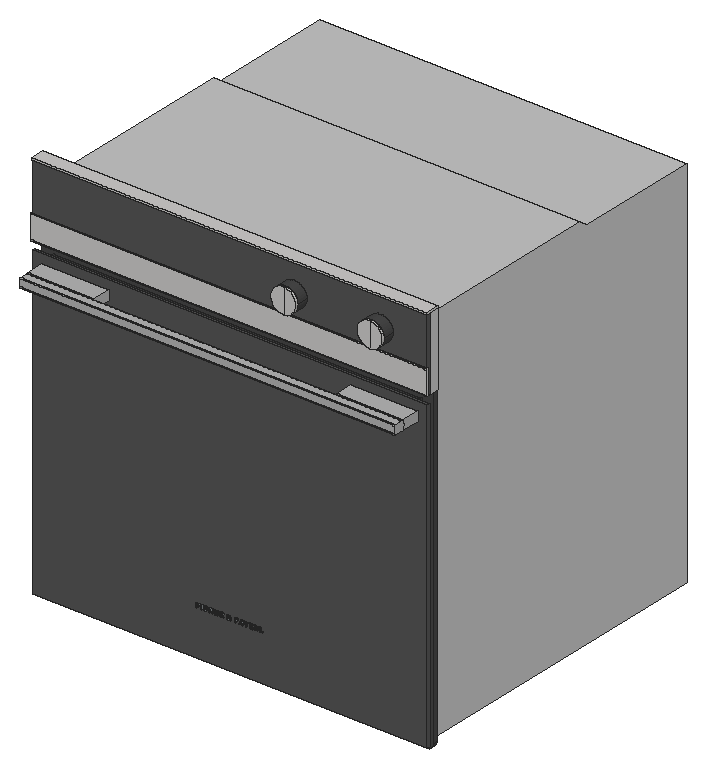
Revit family "FP-Revit18-en-OB60SC7CEX4-Oven-0-90003687A-NZ-AU", category Specialty Equipment, Revit 2020
Family settings
  Round Connector Dimension = Use Diameter
  Part Type = Normal
  OmniClass Number = 23.40.40.14.17.11
  OmniClass Title = Cookers, Ovens, Stoves
  Work Plane-Based = No
  Always vertical = Yes
  Cut with Voids When Loaded = Yes
  Shared = No
  Room Calculation Point = No
Parameters (values of type "OB60SC7CEX4")
  Visibility - Clearance Required = yes
  URL = "www.fisherpaykel.com"
  Product - Width = 597 mm  # constant formula
  Product - Height = 598 mm  # constant formula
  Product - Depth = 565 mm  # constant formula
  Model = "OB60SC7CEX4"
  Material - Trim = Fisher & Paykel - Stainless Steel
  Material - Structure = Fisher & Paykel - Black
  Material - Logo = Fisher & Paykel - Graphics Grey
  Material - Handle = Fisher & Paykel - Aluminium
  Material - Glass = Fisher & Paykel - Glass, Black
  Material - Buttons and Dials = Fisher & Paykel - Stainless Steel
  Material - Body = Fisher & Paykel - Grey
  Manufacturer = "Fisher & Paykel Appliances"
  FFL Offset [instance] = 200 mm
  Description = "60cm Built-In Oven"
  Default Elevation = 0 mm
  Connector Note - Electrical = "220-240 V, 12.3-13.3 A, 50 Hz"
  Chassis - Width = 552 mm  # constant formula
  Chassis - Height = 575 mm  # constant formula
  Chassis - Depth = 545 mm  # constant formula
  Cavity - Width = 560 mm  # constant formula
  Cavity - Height = 580 mm  # constant formula
  Cavity - Depth = 550 mm  # constant formula
Reference planes
  plane 1 "Datum": y = 0
  plane 2: z = 0
  plane 3 "Center (Left/Right)": x = 0
  plane 4 "Cavity": z = 780
  plane 5 "Product Height": z = 798
  plane 6 "Product LHS": x = -298.5
  plane 7 "Product RHS": x = 298.5
  plane 8 "Cavity LHS": x = -300
  plane 9 "Cavity RHS": x = 300
  plane 10 "Cavity - Depth": y = 550
  plane 11 "Product Depth": y = 545
  plane 12 "Front Face": y = -20
  plane 13 "FFL Offset": z = 200
  plane 14 "Cavity Height": z = 800
Forms (mm)
  Extrusion 1, solid, material "Fisher & Paykel - Grey" <- "Material - Body"
    sketch origin (0, 0, 0) x (0, 1, 0) y (0, 0, 1)
      loop
        line (0, 200) -> (525, 200) -> (525, 393.99) -> (545, 413.99) -> (545, 609.73) -> (495, 659.73) -> (495, 764.6) -> (307.721, 764.6) -> (293.958, 775) -> (0, 775) -> (0, 200)
    from -276 to 276
  Extrusion 2, void
    sketch origin (0, 0, 0) x (1, 0, 0) y (0, 1, 0)
      loop
        line (-278.5, 495) -> (-229.63, 495) -> (-179.63, 545) -> (-278.5, 545) -> (-278.5, 495)
      loop
        line (278.5, 495) -> (278.5, 545) -> (94.617, 545) -> (114.617, 525) -> (199.13, 525) -> (229.13, 495) -> (278.5, 495)
    from 200 to 764.6
  Extrusion 3, solid, material "Fisher & Paykel - Stainless Steel" <- "Material - Trim"
    sketch origin (0, 0, 0) x (0, 1, 0) y (0, 0, 1)
      loop
        line (0, 798) -> (-20.5, 798) -> (-20.5, 795.1) -> (0, 795.1) -> (0, 798)
    from -297.35 to 297.35
  Extrusion 4, solid, material "Fisher & Paykel - Grey" <- "Material - Body"
    sketch origin (0, 0, 0) x (0, 1, 0) y (0, 0, 1)
      loop
        line (-16, 795.1) -> (-16, 685.199) -> (0, 685.199) -> (0, 795.1) -> (-16, 795.1)
    from -297.35 to 297.35
  Extrusion 5, solid, material "Fisher & Paykel - Glass, Black" <- "Material - Glass"
    sketch origin (0, 0, 0) x (1, 0, 0) y (0, 0, 1)
      loop
        line (-297.25, 673.199) -> (-297.25, 210.2) -> (297.25, 210.2) -> (297.25, 673.199) -> (-297.25, 673.199)
      loop
        line (-297.35, 686.052) -> (297.35, 686.052) -> (297.35, 794.5) -> (-297.35, 794.5) -> (-297.35, 686.052)
    from 16 to 20
  Extrusion 6, solid, material "Fisher & Paykel - Black" <- "Material - Structure"
    sketch origin (0, 0, 0) x (0, 1, 0) y (0, 0, 1)
      loop
        line (-13.8, 671.699) -> (-16, 671.699) -> (-16, 212.7) -> (-5, 212.7) -> (-5, 668.496) -> (-13.8, 671.699)
    from -277 to 277
  Extrusion 7, solid, material "Fisher & Paykel - Black" <- "Material - Structure"
    sketch origin (0, 0, 0) x (1, 0, 0) y (0, 0, 1)
      loop
        line (-295.5, 685.199) -> (-295.5, 209.536)
        arc (-295.5, 209.536) -> (-292.707, 202.793) -> (-285.964, 200) r 9.536
        line (-285.964, 200) -> (286, 200)
        arc (286, 200) -> (292.718, 202.782) -> (295.5, 209.5) r 9.5
        line (295.5, 209.5) -> (295.5, 685.199) -> (-295.5, 685.199)
    from 0 to 5
  Extrusion 8, solid, material "Fisher & Paykel - Clearance Required", visible <- "Visibility - Clearance Required", detail levels coarse
    sketch origin (0, 0, 0) x (0, 1, 0) y (0, 0, 1)
      loop
        line (0, 800) -> (-20, 800) -> (-20, 673.254)
        arc (-20, 673.254) -> (-320.822, 551.394) -> (-469.99, 263.137) r 467.908
        line (-469.99, 263.137) -> (-462.266, 262.194) -> (-467.348, 220.567) -> (-449.569, 218.396) -> (-444.479, 260.086) -> (-20, 208.26) -> (-20, 200) -> (0, 200) -> (0, 800)
    from -300 to 300
  Extrusion 9, solid, material "Fisher & Paykel - Clearance Required", visible <- "Visibility - Clearance Required", detail levels coarse
    sketch origin (0, 0, 0) x (1, 0, 0) y (0, 1, 0)
      loop
        line (-280, 0) -> (280, 0) -> (280, 550) -> (-280, 550) -> (-280, 0)
    from 200 to 780
  Extrusion 10, void
    sketch origin (0, 0, 0) x (1, 0, 0) y (0, 1, 0)
      loop
        line (-300, -20) -> (300, -20) -> (300, 0) -> (-300, 0) -> (-300, -20)
    from 200 to 800
  Extrusion 11, solid, material "Fisher & Paykel - Stainless Steel" <- "Material - Trim", detail levels fine
    sketch origin (0, 0, 0) x (0, 1, 0) y (0, 0, 1)
      loop
        line (-22.25, 722.193) -> (-22.25, 687.281)
        arc (-22.25, 687.281) -> (-21.89, 686.412) -> (-21.021, 686.052) r 1.229
        line (-21.021, 686.052) -> (-20, 686.052) -> (-20, 723.356) -> (-21.087, 723.356)
        arc (-21.087, 723.356) -> (-21.909, 723.015) -> (-22.25, 722.193) r 1.163
    from -298.5 to 298.5
  Extrusion 12, void
    sketch origin (0, 0, 0) x (1, 0, 0) y (0, 1, 0)
      loop
        line (-280, 550) -> (-280, 0) -> (280, 0) -> (280, 550) -> (-280, 550)
    from 200 to 780
  Extrusion 13, solid, material "Fisher & Paykel - Black"
    sketch origin (0, 0, 0) x (1, 0, 0) y (0, 0, 1)
      loop
        circle (226.999, 752.449) r 18.791
      loop
        circle (97, 752.449) r 18.791
    from 20 to 37.3
  Revolve 14, solid, material "Fisher & Paykel - Stainless Steel" <- "Material - Buttons and Dials", detail levels fine
    sketch origin (97, 0, 0) x (0, 1, 0) y (0, 0, 1)
      loop
        line (-40.3, 752.449) -> (-37.3, 752.449) -> (-37.3, 771.24) -> (-40.3, 771.24) -> (-40.3, 752.449)
      axis (-37.3, 752.449) -> (-40.3, 752.449)
    angle from 0 to 360
  Revolve 15, solid, material "Fisher & Paykel - Stainless Steel" <- "Material - Buttons and Dials", detail levels fine
    sketch origin (226.999, 0, 0) x (0, 1, 0) y (0, 0, 1)
      loop
        line (-40.3, 752.449) -> (-37.3, 752.449) -> (-37.3, 771.24) -> (-40.3, 771.24) -> (-40.3, 752.449)
      axis (-37.3, 752.449) -> (-40.3, 752.449)
    angle from 0 to 360
  Extrusion 16, solid, material "Fisher & Paykel - Aluminium" <- "Material - Handle", detail levels fine
    sketch origin (0, -21, 652.521) x (0, 1, 0) y (0, 0, 1)
      loop
        arc (-26.813, 6.16) -> (-27.196, 6.554) -> (-27.728, 6.686) r 1
        line (-27.728, 6.686) -> (-40.035, 6.256)
        arc (-40.035, 6.256) -> (-40.719, 5.951) -> (-41, 5.257) r 1
        line (-41, 5.257) -> (-41, -5.257)
        arc (-41, -5.257) -> (-40.719, -5.951) -> (-40.035, -6.256) r 1
        line (-40.035, -6.256) -> (-27.709, -6.686)
        arc (-27.709, -6.686) -> (-27.175, -6.554) -> (-26.792, -6.158) r 1
        arc (-26.792, -6.158) -> (-25.256, 0.004) -> (-26.813, 6.16) r 13.038
    from -282.5 to 282.5
  Extrusion 17, solid, material "Fisher & Paykel - Aluminium" <- "Material - Handle", detail levels fine
    sketch origin (0, -21, 652.521) x (0, 1, 0) y (0, 0, 1)
      loop
        arc (-26.626, -6.008) -> (-26.614, -6.49) -> (-26.2, -6.737) r 0.5
        line (-26.2, -6.737) -> (1, -7.732) -> (1, 7.741) -> (-26.174, 6.747)
        arc (-26.174, 6.747) -> (-26.587, 6.5) -> (-26.6, 6.019) r 0.5
        arc (-26.6, 6.019) -> (-25.156, 0.002) -> (-26.626, -6.008) r 13.136
    from 182.5 to 282.5
  Extrusion 18, solid, material "Fisher & Paykel - Aluminium" <- "Material - Handle", detail levels coarse+medium
    sketch origin (0, -21, 652.521) x (1, 0, 0) y (0, 1, 0)
      loop
        line (-282.5, -41) -> (282.5, -41) -> (282.5, 1) -> (182.5, 1) -> (182.5, -26.156) -> (-182.5, -26.156) -> (-182.5, 1) -> (-282.5, 1) -> (-282.5, -41)
    from -8.022 to 7.978
  Extrusion 19, solid, material "Fisher & Paykel - Aluminium" <- "Material - Handle", detail levels fine
    sketch origin (0, -21, 652.521) x (0, 1, 0) y (0, 0, 1)
      loop
        arc (-26.626, -6.008) -> (-26.614, -6.49) -> (-26.2, -6.737) r 0.5
        line (-26.2, -6.737) -> (1, -7.732) -> (1, 7.741) -> (-26.174, 6.747)
        arc (-26.174, 6.747) -> (-26.587, 6.5) -> (-26.6, 6.019) r 0.5
        arc (-26.6, 6.019) -> (-25.156, 0.002) -> (-26.626, -6.008) r 13.136
    from -282.5 to -182.5
  Extrusion 20, solid, material "Fisher & Paykel - Aluminium" <- "Material - Handle", not visible, detail levels fine
    sketch origin (0, -22, 652) x (0, 1, 0) y (0, 0, 1)
      loop
        arc (-26.813, 6.16) -> (-27.196, 6.554) -> (-27.728, 6.686) r 1
        line (-27.728, 6.686) -> (-40.035, 6.256)
        arc (-40.035, 6.256) -> (-40.719, 5.951) -> (-41, 5.257) r 1
        line (-41, 5.257) -> (-41, -5.257)
        arc (-41, -5.257) -> (-40.719, -5.951) -> (-40.035, -6.256) r 1
        line (-40.035, -6.256) -> (-27.709, -6.686)
        arc (-27.709, -6.686) -> (-27.175, -6.554) -> (-26.792, -6.158) r 1
        arc (-26.792, -6.158) -> (-25.256, 0.004) -> (-26.813, 6.16) r 13.038
    from -282.5 to 282.5
  Extrusion 21, solid, material "Fisher & Paykel - Aluminium" <- "Material - Handle", not visible, detail levels fine
    sketch origin (0, -22, 652) x (0, 1, 0) y (0, 0, 1)
      loop
        arc (-26.626, -6.008) -> (-26.614, -6.49) -> (-26.2, -6.737) r 0.5
        line (-26.2, -6.737) -> (1, -7.732) -> (1, 7.741) -> (-26.174, 6.747)
        arc (-26.174, 6.747) -> (-26.587, 6.5) -> (-26.6, 6.019) r 0.5
        arc (-26.6, 6.019) -> (-25.156, 0.002) -> (-26.626, -6.008) r 13.136
    from 182.5 to 282.5
  Extrusion 22, solid, material "Fisher & Paykel - Aluminium" <- "Material - Handle", not visible, detail levels coarse+medium
    sketch origin (0, -22, 652) x (1, 0, 0) y (0, 1, 0)
      loop
        line (-282.5, -41) -> (282.5, -41) -> (282.5, 1) -> (182.5, 1) -> (182.5, -26.156) -> (-182.5, -26.156) -> (-182.5, 1) -> (-282.5, 1) -> (-282.5, -41)
    from -8.022 to 7.978
  Extrusion 23, solid, material "Fisher & Paykel - Aluminium" <- "Material - Handle", not visible, detail levels fine
    sketch origin (0, -22, 652) x (0, 1, 0) y (0, 0, 1)
      loop
        arc (-26.626, -6.008) -> (-26.614, -6.49) -> (-26.2, -6.737) r 0.5
        line (-26.2, -6.737) -> (1, -7.732) -> (1, 7.741) -> (-26.174, 6.747)
        arc (-26.174, 6.747) -> (-26.587, 6.5) -> (-26.6, 6.019) r 0.5
        arc (-26.6, 6.019) -> (-25.156, 0.002) -> (-26.626, -6.008) r 13.136
    from -282.5 to -182.5
  Extrusion 24, solid, material "Fisher & Paykel - Graphics Grey" <- "Material - Logo", detail levels fine
    sketch origin (0, -20, 278.956) x (1, 0, 0) y (0, 0, 1)
      loop
        line (-50.044, 0) -> (-48.47, 0) -> (-48.47, 2.138) -> (-46.011, 2.138) -> (-46.011, 3.472) -> (-48.47, 3.472) -> (-48.47, 4.712) -> (-45.795, 4.712) -> (-45.795, 6.04) -> (-50.044, 6.04) -> (-50.044, 0)
      loop
        line (-42.804, 6.04) -> (-42.804, 0) -> (-41.23, 0) -> (-41.23, 6.04) -> (-42.804, 6.04)
      loop
        line (-30.724, 6.04) -> (-30.724, 0) -> (-29.151, 0) -> (-29.151, 2.42) -> (-26.839, 2.42) -> (-26.839, 0) -> (-25.265, 0) -> (-25.265, 6.04) -> (-26.839, 6.04) -> (-26.839, 3.748) -> (-29.151, 3.748) -> (-29.151, 6.04) -> (-30.724, 6.04)
      loop
        line (-21.906, 6.04) -> (-21.906, 0) -> (-17.602, 0) -> (-17.602, 1.328) -> (-20.347, 1.328) -> (-20.347, 2.42) -> (-17.838, 2.42) -> (-17.838, 3.748) -> (-20.347, 3.748) -> (-20.347, 4.712) -> (-17.602, 4.712) -> (-17.602, 6.04) -> (-21.906, 6.04)
      loop
        line (45.667, 6.04) -> (45.667, 0) -> (49.956, 0) -> (49.956, 1.328) -> (47.241, 1.328) -> (47.241, 6.04) -> (45.667, 6.04)
      loop
        line (42.431, 6.04) -> (38.112, 6.04) -> (38.112, 0) -> (42.431, 0) -> (42.431, 1.328) -> (39.687, 1.328) -> (39.687, 2.42) -> (42.195, 2.42) -> (42.195, 3.748) -> (39.687, 3.748) -> (39.687, 4.712) -> (42.431, 4.712) -> (42.431, 6.04)
      loop
        line (33.451, 3.148) -> (35.683, 6.04) -> (33.844, 6.04) -> (31.915, 3.542) -> (31.915, 6.04) -> (30.342, 6.04) -> (30.342, 0) -> (31.915, 0) -> (31.915, 2.705) -> (33.903, 0) -> (35.763, 0) -> (33.451, 3.148)
      loop
        line (21.98, 6.04) -> (24.262, 2.42) -> (24.262, 0) -> (25.837, 0) -> (25.837, 2.341) -> (28.119, 6.04) -> (26.446, 6.04) -> (25.099, 3.707) -> (23.753, 6.04) -> (21.98, 6.04)
      loop
        line (18.479, 6.04) -> (16.983, 6.04) -> (14.524, 0) -> (16.069, 0) -> (16.501, 1.112) -> (18.921, 1.112) -> (19.354, 0) -> (20.938, 0) -> (18.479, 6.04)
      loop
        line (18.4, 2.439) -> (17.693, 4.174) -> (17.018, 2.439) -> (18.4, 2.439)
      loop
        line (8.031, 6.04) -> (8.031, 0) -> (9.605, 0) -> (9.605, 1.938) -> (10.599, 1.938)
        arc (10.599, 1.938) -> (12.65, 3.989) -> (10.599, 6.04) r 2.051
        line (10.599, 6.04) -> (8.031, 6.04)
      loop
        line (9.605, 4.712) -> (9.605, 3.197) -> (10.501, 3.197)
        arc (10.501, 3.197) -> (11.259, 3.954) -> (10.501, 4.712) r 0.757
        line (10.501, 4.712) -> (9.605, 4.712)
      loop
        line (-11.783, 6.04) -> (-14.366, 6.04) -> (-14.366, 0) -> (-12.792, 0) -> (-12.792, 1.336) -> (-11.992, 1.336) -> (-10.972, 0) -> (-9.153, 0) -> (-10.694, 1.973)
        arc (-10.694, 1.973) -> (-9.678, 4.424) -> (-11.783, 6.04) r 2.179
      loop
        line (-11.897, 4.712) -> (-12.792, 4.712) -> (-12.792, 3.053) -> (-11.897, 3.053)
        arc (-11.897, 3.053) -> (-11.068, 3.882) -> (-11.897, 4.712) r 0.83
      loop
        line (0.477, 4.712) -> (0.477, 6.153) -> (-3.575, 6.153) -> (-3.575, 4.851) -> (-2.974, 4.112)
        arc (-2.974, 4.112) -> (-3.51, 0.684) -> (-0.045, 0.512) r 2.334
        line (-0.045, 0.512) -> (0.46, -0.109) -> (2.246, -0.109) -> (0.86, 1.594) -> (2.061, 3.324) -> (0.443, 3.324) -> (-0.013, 2.667) -> (-1.677, 4.712) -> (0.477, 4.712)
      loop
        arc (-2.125, 3.068) -> (-2.269, 1.668) -> (-0.868, 1.524) r 0.996
        line (-0.868, 1.524) -> (-2.125, 3.068)
      loop
        line (-35.18, 3.634) -> (-36.516, 3.91)
        arc (-36.516, 3.91) -> (-37.049, 4.443) -> (-36.516, 4.976) r 0.533
        arc (-36.516, 4.976) -> (-35.235, 4.79) -> (-34.059, 4.248) r 4.505
        line (-34.059, 4.248) -> (-34.059, 5.743)
        arc (-34.059, 5.743) -> (-35.549, 6.179) -> (-37.1, 6.109) r 4.726
        arc (-37.1, 6.109) -> (-38.536, 4.335) -> (-37.1, 2.561) r 1.814
        line (-37.1, 2.561) -> (-35.754, 2.282)
        arc (-35.754, 2.282) -> (-35.221, 1.749) -> (-35.754, 1.216) r 0.533
        arc (-35.754, 1.216) -> (-37.035, 1.402) -> (-38.211, 1.945) r 4.505
        line (-38.211, 1.945) -> (-38.211, 0.449)
        arc (-38.211, 0.449) -> (-36.72, 0.013) -> (-35.169, 0.083) r 4.726
        arc (-35.169, 0.083) -> (-33.734, 1.863) -> (-35.18, 3.634) r 1.814
    from 0 to 0.8
  Extrusion 25, solid, material "Fisher & Paykel - Grey" <- "Material - Body"
    sketch origin (154.861, 0, 0) x (0, 1, 0) y (0, 0, 1)
      loop
        circle (504.5, 703) r 4
    from -410 to -372.861
  Extrusion 26, solid, material "Fisher & Paykel - Grey" <- "Material - Body"
    sketch origin (154.861, 0, 0) x (0, 1, 0) y (0, 0, 1)
      loop
        line (495, 683) -> (514, 683) -> (514, 736) -> (495, 736) -> (495, 683)
    from -372.861 to -289.861
Cuts and joins
  Extrusion 2 cuts Extrusion 1
Lines and regions (mm)
  model lines, style "Fisher & Paykel"
    curve 1: line (217.5, -20, 334) -> (-217.5, -20, 334)
    curve 2: line (217.5, -20, 617.236) -> (217.5, -20, 334)
    curve 3: line (-217.5, -20, 617.236) -> (217.5, -20, 617.236)
    curve 4: line (-217.5, -20, 334) -> (-217.5, -20, 617.236)
Text (mm)
  text "Due to ongoing product development, product details are subject to change without notice. \nPlease always refer to www.fisherpaykel.com for the most current product information. \n© Fisher & Paykel 2020" at (40.64, -604.808, 0), in view "Ref. Level (Plan)"
Dimensions and locks
  equal spacing: plane 6 "Product LHS", plane 3 "Center (Left/Right)", plane 7 "Product RHS"
  "Product - Width": plane 6 "Product LHS" to plane 7 "Product RHS"
  equal spacing: plane 8 "Cavity LHS", plane 3 "Center (Left/Right)", plane 9 "Cavity RHS"
  "Cavity - Depth": plane 10 "Cavity - Depth" to plane 1 "Datum"
  "Chassis - Depth": plane 11 "Product Depth" to plane 1 "Datum"
  plane 12 "Front Face" to plane 1 "Datum" = 20 mm
  "Product - Depth": plane 11 "Product Depth" to plane 12 "Front Face"
  "FFL Offset": plane 13 "FFL Offset" to level
  "Product - Height": plane 5 "Product Height" to plane 13 "FFL Offset"
  "Cavity - Height": plane 4 "Cavity" to plane 13 "FFL Offset"
  Extrusion 5 to plane 13 "FFL Offset" = 10.2 mm
  Extrusion 6 to plane 13 "FFL Offset" = 12.7 mm
  locked: plane 5 "Product Height" to cut or joined group of Extrusion 1, Extrusion 2 at 33.4
  locked: Extrusion 8 sketch curve to plane 13 "FFL Offset" at 473.254
  locked: Extrusion 8 sketch curve to Extrusion 8 sketch curve at 42
  locked: Extrusion 8 sketch curve to Extrusion 8 sketch curve at 427.631
  locked: plane 14 "Cavity Height" to plane 13 "FFL Offset" at 600
  locked: Extrusion 18 to plane 13 "FFL Offset" at 460.499
  locked: Extrusion 24 to plane 13 "FFL Offset" at 78.847
  equal spacing: Extrusion 9, plane 3 "Center (Left/Right)", Extrusion 9
  "Cavity - Width": Extrusion 9 to Extrusion 9
  equal spacing: cut or joined group of Extrusion 1, Extrusion 2, plane 3 "Center (Left/Right)", cut or joined group of Extrusion 1, Extrusion 2
  "Chassis - Width": cut or joined group of Extrusion 1, Extrusion 2 to cut or joined group of Extrusion 1, Extrusion 2
  aligned and locked: level to plane 2
  aligned and locked: plane 8 "Cavity LHS" to Extrusion 8
  aligned and locked: Extrusion 8 to plane 9 "Cavity RHS"
  aligned and locked: Extrusion 1 sketch curve to plane 13 "FFL Offset"
  aligned and locked: Extrusion 1 to Extrusion 2
  aligned and locked: Extrusion 2 to Extrusion 1
  aligned and locked: plane 13 "FFL Offset" to Extrusion 8 sketch curve
  aligned and locked: plane 13 "FFL Offset" to Extrusion 7 sketch curve
  aligned and locked: Extrusion 12 to cut or joined group of Extrusion 1, Extrusion 2
  aligned and locked: plane 4 "Cavity" to Extrusion 12
  aligned and locked: plane 4 "Cavity" to Extrusion 9
  aligned and locked: Extrusion 9 to cut or joined group of Extrusion 1, Extrusion 2
  aligned and locked: Extrusion 10 to cut or joined group of Extrusion 1, Extrusion 2
  aligned and locked: Extrusion 10 to Extrusion 7
  aligned and locked: Extrusion 10 to Extrusion 8
  aligned and locked: plane 14 "Cavity Height" to Extrusion 10
  aligned and locked: Extrusion 12 to Extrusion 9  (x2)
Automatic sketch dimensions
  Extrusion 1 sketch curve to plane 1 "Datum" = 0 mm
  Extrusion 1 sketch curve to plane 11 "Product Depth" = 0 mm
  Extrusion 1 sketch curve to plane 4 "Cavity" = 5 mm
  Extrusion 1 sketch curve to plane 11 "Product Depth" = 251.042 mm
  Extrusion 1 sketch curve to Extrusion 1 sketch curve = 13.762 mm
  Extrusion 1 sketch curve to plane 4 "Cavity" = 15.4 mm
  Extrusion 1 sketch curve to plane 11 "Product Depth" = 50 mm
  Extrusion 1 sketch curve to plane 11 "Product Depth" = 20 mm
  Extrusion 1 sketch curve to Extrusion 1 sketch curve = 193.99 mm
  Extrusion 1 sketch curve to Extrusion 1 sketch curve = 20 mm
  Extrusion 1 sketch curve to Extrusion 1 sketch curve = 154.87 mm
  Extrusion 1 sketch curve to Extrusion 1 sketch curve = 50 mm
  Extrusion 2 sketch curve to plane 11 "Product Depth" = 0 mm  (x2)
  Extrusion 2 sketch curve to plane 6 "Product LHS" = 20 mm
  Extrusion 2 sketch curve to Extrusion 2 sketch curve = 48.87 mm
  Extrusion 2 sketch curve to Extrusion 2 sketch curve = 50 mm  (x3)
  plane 3 "Center (Left/Right)" to Extrusion 2 sketch curve = 94.617 mm
  Extrusion 2 sketch curve to Extrusion 2 sketch curve = 20 mm
  Extrusion 2 sketch curve to plane 11 "Product Depth" = 20 mm
  Extrusion 2 sketch curve to Extrusion 2 sketch curve = 84.513 mm
  Extrusion 2 sketch curve to Extrusion 2 sketch curve = 30 mm
  plane 7 "Product RHS" to Extrusion 2 sketch curve = 20 mm
  Extrusion 3 sketch curve to plane 1 "Datum" = 0 mm
  Extrusion 3 sketch curve to plane 12 "Front Face" = 0.5 mm
  Extrusion 3 sketch curve to plane 5 "Product Height" = 2.9 mm
  plane 5 "Product Height" to Extrusion 3 sketch curve = 0 mm
  Extrusion 4 sketch curve to plane 1 "Datum" = 0 mm
  plane 12 "Front Face" to Extrusion 4 sketch curve = 4 mm
  Extrusion 4 sketch curve to plane 4 "Cavity" = 94.801 mm
  Extrusion 4 sketch curve to plane 5 "Product Height" = 2.9 mm
  Extrusion 5 sketch curve to plane 6 "Product LHS" = 1.25 mm
  Extrusion 5 sketch curve to plane 6 "Product LHS" = 1.15 mm
  plane 7 "Product RHS" to Extrusion 5 sketch curve = 1.15 mm
  plane 7 "Product RHS" to Extrusion 5 sketch curve = 1.25 mm
  plane 13 "FFL Offset" to Extrusion 5 sketch curve = 10.2 mm
  Extrusion 5 sketch curve to plane 4 "Cavity" = 106.801 mm
  Extrusion 5 sketch curve to Extrusion 5 sketch curve = 12.853 mm
  Extrusion 5 sketch curve to plane 5 "Product Height" = 3.5 mm
  plane 12 "Front Face" to Extrusion 6 sketch curve = 4 mm
  Extrusion 6 sketch curve to Extrusion 6 sketch curve = 2.2 mm
  plane 1 "Datum" to Extrusion 6 sketch curve = 5 mm
  plane 13 "FFL Offset" to Extrusion 6 sketch curve = 12.7 mm
  Extrusion 6 sketch curve to plane 4 "Cavity" = 111.504 mm
  Extrusion 6 sketch curve to Extrusion 6 sketch curve = 3.203 mm
  Extrusion 7 sketch curve to plane 6 "Product LHS" = 3 mm
  Extrusion 7 sketch curve to Extrusion 7 sketch curve = 9.536 mm
  plane 7 "Product RHS" to Extrusion 7 sketch curve = 12.5 mm
  plane 7 "Product RHS" to Extrusion 7 sketch curve = 3 mm
  Extrusion 7 sketch curve to plane 4 "Cavity" = 94.801 mm
  Extrusion 9 sketch curve to plane 10 "Cavity - Depth" = 0 mm
  plane 1 "Datum" to Extrusion 9 sketch curve = 0 mm
  Extrusion 9 sketch curve to plane 6 "Product LHS" = 18.5 mm
  plane 7 "Product RHS" to Extrusion 9 sketch curve = 18.5 mm
  plane 1 "Datum" to Extrusion 10 sketch curve = 0 mm
  Extrusion 10 sketch curve to plane 8 "Cavity LHS" = 0 mm
  Extrusion 10 sketch curve to plane 9 "Cavity RHS" = 0 mm
  Extrusion 10 sketch curve to plane 12 "Front Face" = 0 mm
  Extrusion 11 sketch curve to plane 12 "Front Face" = 0 mm
  Extrusion 11 sketch curve to Extrusion 11 sketch curve = 1.021 mm
  Extrusion 11 sketch curve to plane 12 "Front Face" = 1.087 mm
  Extrusion 11 sketch curve to Extrusion 11 sketch curve = 1.229 mm
  Extrusion 11 sketch curve to plane 4 "Cavity" = 93.948 mm
  Extrusion 11 sketch curve to Extrusion 11 sketch curve = 34.912 mm
  plane 1 "Datum" to Extrusion 12 sketch curve = 0 mm
  Extrusion 12 sketch curve to plane 10 "Cavity - Depth" = 0 mm
  Extrusion 12 sketch curve to plane 6 "Product LHS" = 18.5 mm
  plane 7 "Product RHS" to Extrusion 12 sketch curve = 18.5 mm
  Revolve 14 sketch curve to plane 12 "Front Face" = 20.3 mm
  Revolve 14 sketch curve to Revolve 14 sketch curve = 3 mm
  Revolve 14 sketch curve to plane 4 "Cavity" = 27.551 mm
  Revolve 14 sketch curve to plane 4 "Cavity" = 8.76 mm
  Revolve 14 sketch curve to Revolve 14 sketch curve = 6.8 mm
  Revolve 14 sketch curve to Revolve 14 sketch curve = 3.2 mm
  Revolve 14 sketch curve to Revolve 14 sketch curve = 0 mm
  Revolve 15 sketch curve to plane 12 "Front Face" = 20.3 mm
  Revolve 15 sketch curve to Revolve 15 sketch curve = 3 mm
  Revolve 15 sketch curve to plane 4 "Cavity" = 27.551 mm
  Revolve 15 sketch curve to plane 4 "Cavity" = 8.76 mm
  Revolve 15 sketch curve to Revolve 15 sketch curve = 6.8 mm
  Revolve 15 sketch curve to Revolve 15 sketch curve = 3.2 mm
  Revolve 15 sketch curve to Revolve 15 sketch curve = 0 mm
  Extrusion 16 sketch curve to Extrusion 16 sketch curve = 0.965 mm  (x2)
  Extrusion 16 sketch curve to Extrusion 16 sketch curve = 0.035 mm  (x4)
  Extrusion 16 sketch curve to Extrusion 16 sketch curve = 1.706 mm
  Extrusion 16 sketch curve to Extrusion 16 sketch curve = 12.307 mm
  Extrusion 16 sketch curve to Extrusion 16 sketch curve = 12.326 mm
  Extrusion 16 sketch curve to Extrusion 16 sketch curve = 0.999 mm  (x2)
  Extrusion 16 sketch curve to Extrusion 16 sketch curve = 5.238 mm
  Extrusion 16 sketch curve to Extrusion 16 sketch curve = 0 mm
  Extrusion 17 sketch curve to Extrusion 17 sketch curve = 12.091 mm
  Extrusion 17 sketch curve to Extrusion 17 sketch curve = 0.018 mm  (x2)
  Extrusion 17 sketch curve to Extrusion 17 sketch curve = 0.008 mm
  Extrusion 17 sketch curve to Extrusion 17 sketch curve = 27.174 mm
  Extrusion 17 sketch curve to Extrusion 17 sketch curve = 15.473 mm
  Extrusion 17 sketch curve to Extrusion 17 sketch curve = 0.5 mm  (x2)
  Extrusion 17 sketch curve to Extrusion 17 sketch curve = 0 mm
  Extrusion 18 sketch curve to Extrusion 18 sketch curve = 14.844 mm
  Extrusion 18 sketch curve to Extrusion 18 sketch curve = 27.156 mm  (x2)
  Extrusion 19 sketch curve to Extrusion 19 sketch curve = 12.091 mm
  Extrusion 19 sketch curve to Extrusion 19 sketch curve = 0.018 mm  (x2)
  Extrusion 19 sketch curve to Extrusion 19 sketch curve = 0.008 mm
  Extrusion 19 sketch curve to Extrusion 19 sketch curve = 27.174 mm
  Extrusion 19 sketch curve to Extrusion 19 sketch curve = 15.473 mm
  Extrusion 19 sketch curve to Extrusion 19 sketch curve = 0.5 mm  (x2)
  Extrusion 19 sketch curve to Extrusion 19 sketch curve = 0 mm
  Extrusion 16 sketch curve to Extrusion 16 sketch curve = 0.43 mm
  Extrusion 16 sketch curve to Extrusion 16 sketch curve = 5.275 mm
  Extrusion 16 sketch curve to Extrusion 16 sketch curve = 11.374 mm
  Extrusion 17 sketch curve to Extrusion 17 sketch curve = 0.995 mm
  Extrusion 17 sketch curve to Extrusion 17 sketch curve = 6.268 mm
  Extrusion 17 sketch curve to Extrusion 17 sketch curve = 12.255 mm
  Extrusion 18 sketch curve to Extrusion 18 sketch curve = 100 mm  (x2)
  Extrusion 18 sketch curve to Extrusion 18 sketch curve = 365 mm
  Extrusion 19 sketch curve to Extrusion 19 sketch curve = 0.995 mm
  Extrusion 19 sketch curve to Extrusion 19 sketch curve = 6.268 mm
  Extrusion 19 sketch curve to Extrusion 19 sketch curve = 12.255 mm
  Extrusion 20 sketch curve to Extrusion 20 sketch curve = 0.965 mm  (x2)
  Extrusion 20 sketch curve to Extrusion 20 sketch curve = 0.035 mm  (x4)
  Extrusion 20 sketch curve to Extrusion 20 sketch curve = 1.706 mm
  Extrusion 20 sketch curve to Extrusion 20 sketch curve = 12.307 mm
  Extrusion 20 sketch curve to Extrusion 20 sketch curve = 12.326 mm
  Extrusion 20 sketch curve to Extrusion 20 sketch curve = 0.999 mm  (x2)
  Extrusion 20 sketch curve to Extrusion 20 sketch curve = 5.238 mm
  Extrusion 20 sketch curve to Extrusion 20 sketch curve = 0 mm
  Extrusion 21 sketch curve to Extrusion 21 sketch curve = 12.091 mm
  Extrusion 21 sketch curve to Extrusion 21 sketch curve = 0.018 mm  (x2)
  Extrusion 21 sketch curve to Extrusion 21 sketch curve = 0.008 mm
  Extrusion 21 sketch curve to Extrusion 21 sketch curve = 27.174 mm
  Extrusion 21 sketch curve to Extrusion 21 sketch curve = 15.473 mm
  Extrusion 21 sketch curve to Extrusion 21 sketch curve = 0.5 mm  (x2)
  Extrusion 21 sketch curve to Extrusion 21 sketch curve = 0 mm
  Extrusion 22 sketch curve to Extrusion 22 sketch curve = 14.844 mm
  Extrusion 22 sketch curve to Extrusion 22 sketch curve = 27.156 mm  (x2)
  Extrusion 23 sketch curve to Extrusion 23 sketch curve = 12.091 mm
  Extrusion 23 sketch curve to Extrusion 23 sketch curve = 0.018 mm  (x2)
  Extrusion 23 sketch curve to Extrusion 23 sketch curve = 0.008 mm
  Extrusion 23 sketch curve to Extrusion 23 sketch curve = 27.174 mm
  Extrusion 23 sketch curve to Extrusion 23 sketch curve = 15.473 mm
  Extrusion 23 sketch curve to Extrusion 23 sketch curve = 0.5 mm  (x2)
  Extrusion 23 sketch curve to Extrusion 23 sketch curve = 0 mm
  Extrusion 20 sketch curve to Extrusion 20 sketch curve = 0.43 mm
  Extrusion 20 sketch curve to Extrusion 20 sketch curve = 5.275 mm
  Extrusion 20 sketch curve to Extrusion 20 sketch curve = 11.374 mm
  Extrusion 21 sketch curve to Extrusion 21 sketch curve = 0.995 mm
  Extrusion 21 sketch curve to Extrusion 21 sketch curve = 6.268 mm
  Extrusion 21 sketch curve to Extrusion 21 sketch curve = 12.255 mm
  Extrusion 22 sketch curve to Extrusion 22 sketch curve = 100 mm  (x2)
  Extrusion 22 sketch curve to Extrusion 22 sketch curve = 365 mm
  Extrusion 23 sketch curve to Extrusion 23 sketch curve = 0.995 mm
  Extrusion 23 sketch curve to Extrusion 23 sketch curve = 6.268 mm
  Extrusion 23 sketch curve to Extrusion 23 sketch curve = 12.255 mm
  Extrusion 24 sketch curve to plane 6 "Product LHS" = 248.456 mm
  Extrusion 24 sketch curve to Extrusion 24 sketch curve = 1.574 mm  (x12)
  Extrusion 24 sketch curve to Extrusion 24 sketch curve = 2.459 mm
  Extrusion 24 sketch curve to Extrusion 24 sketch curve = 0.216 mm
  Extrusion 24 sketch curve to Extrusion 24 sketch curve = 3.207 mm
  Extrusion 24 sketch curve to Extrusion 24 sketch curve = 3.02 mm
  plane 13 "FFL Offset" to Extrusion 24 sketch curve = 81.516 mm
  Extrusion 24 sketch curve to Extrusion 24 sketch curve = 1.11 mm
  Extrusion 24 sketch curve to Extrusion 24 sketch curve = 0.379 mm
  Extrusion 24 sketch curve to Extrusion 24 sketch curve = 0.206 mm  (x2)
  Extrusion 24 sketch curve to Extrusion 24 sketch curve = 0.36 mm  (x2)
  Extrusion 24 sketch curve to Extrusion 24 sketch curve = 0.402 mm
  plane 13 "FFL Offset" to Extrusion 24 sketch curve = 81.238 mm
  Extrusion 24 sketch curve to Extrusion 24 sketch curve = 0 mm  (x19)
  plane 13 "FFL Offset" to Extrusion 24 sketch curve = 82.59 mm
  Extrusion 24 sketch curve to Extrusion 24 sketch curve = 1.335 mm  (x2)
  Extrusion 24 sketch curve to Extrusion 24 sketch curve = 1.121 mm
  Extrusion 24 sketch curve to Extrusion 24 sketch curve = 3.335 mm
  Extrusion 24 sketch curve to Extrusion 24 sketch curve = 2.312 mm  (x2)
  Extrusion 24 sketch curve to Extrusion 24 sketch curve = 3.359 mm
  Extrusion 24 sketch curve to Extrusion 24 sketch curve = 1.559 mm
  Extrusion 24 sketch curve to Extrusion 24 sketch curve = 2.508 mm  (x2)
  Extrusion 24 sketch curve to Extrusion 24 sketch curve = 0.236 mm  (x4)
  Extrusion 24 sketch curve to Extrusion 24 sketch curve = 3.236 mm  (x2)
  Extrusion 24 sketch curve to Extrusion 24 sketch curve = 0.8 mm
  Extrusion 24 sketch curve to Extrusion 24 sketch curve = 0.895 mm
  Extrusion 24 sketch curve to Extrusion 24 sketch curve = 0.114 mm
  Extrusion 24 sketch curve to Extrusion 24 sketch curve = 1.02 mm
  plane 13 "FFL Offset" to Extrusion 24 sketch curve = 80.929 mm
  Extrusion 24 sketch curve to Extrusion 24 sketch curve = 1.298 mm
  Extrusion 24 sketch curve to Extrusion 24 sketch curve = 1.82 mm
  Extrusion 24 sketch curve to Extrusion 24 sketch curve = 8.207 mm
  plane 13 "FFL Offset" to Extrusion 24 sketch curve = 83.067 mm
  Extrusion 24 sketch curve to Extrusion 24 sketch curve = 0.602 mm
  plane 13 "FFL Offset" to Extrusion 24 sketch curve = 82.024 mm
  Extrusion 24 sketch curve to Extrusion 24 sketch curve = 0.849 mm
  Extrusion 24 sketch curve to Extrusion 24 sketch curve = 0.425 mm
  Extrusion 24 sketch curve to Extrusion 24 sketch curve = 1.297 mm
  Extrusion 24 sketch curve to Extrusion 24 sketch curve = 0.203 mm
  plane 13 "FFL Offset" to Extrusion 24 sketch curve = 80.48 mm
  Extrusion 24 sketch curve to Extrusion 24 sketch curve = 0.628 mm
  plane 13 "FFL Offset" to Extrusion 24 sketch curve = 79.467 mm
  Extrusion 24 sketch curve to Extrusion 24 sketch curve = 0.824 mm
  plane 13 "FFL Offset" to Extrusion 24 sketch curve = 81.623 mm
  Extrusion 24 sketch curve to Extrusion 24 sketch curve = 0.855 mm
  plane 13 "FFL Offset" to Extrusion 24 sketch curve = 82.28 mm
  Extrusion 24 sketch curve to Extrusion 24 sketch curve = 0.456 mm
  Extrusion 24 sketch curve to Extrusion 24 sketch curve = 0.505 mm
  Extrusion 24 sketch curve to Extrusion 24 sketch curve = 0.034 mm  (x2)
  plane 13 "FFL Offset" to Extrusion 24 sketch curve = 80.55 mm
  Extrusion 24 sketch curve to Extrusion 24 sketch curve = 0.873 mm
  Extrusion 24 sketch curve to Extrusion 24 sketch curve = 1.618 mm
  plane 13 "FFL Offset" to Extrusion 24 sketch curve = 78.847 mm
  Extrusion 24 sketch curve to Extrusion 24 sketch curve = 1.785 mm
  Extrusion 24 sketch curve to Extrusion 24 sketch curve = 5.971 mm
  Extrusion 24 sketch curve to Extrusion 24 sketch curve = 0.896 mm
  Extrusion 24 sketch curve to Extrusion 24 sketch curve = 0.994 mm
  Extrusion 24 sketch curve to Extrusion 24 sketch curve = 3.925 mm
  Extrusion 24 sketch curve to Extrusion 24 sketch curve = 1.545 mm
  Extrusion 24 sketch curve to Extrusion 24 sketch curve = 0.433 mm  (x2)
  Extrusion 24 sketch curve to Extrusion 24 sketch curve = 0.482 mm
  Extrusion 24 sketch curve to Extrusion 24 sketch curve = 0.517 mm
  plane 13 "FFL Offset" to Extrusion 24 sketch curve = 83.13 mm
  Extrusion 24 sketch curve to Extrusion 24 sketch curve = 0.675 mm
  Extrusion 24 sketch curve to Extrusion 24 sketch curve = 1.381 mm
  plane 13 "FFL Offset" to Extrusion 24 sketch curve = 84.996 mm
  Extrusion 24 sketch curve to Extrusion 24 sketch curve = 1.495 mm
  Extrusion 24 sketch curve to Extrusion 24 sketch curve = 0.522 mm
  Extrusion 24 sketch curve to Extrusion 24 sketch curve = 1.584 mm
  Extrusion 24 sketch curve to Extrusion 24 sketch curve = 3.502 mm
  Extrusion 24 sketch curve to Extrusion 24 sketch curve = 1.772 mm
  Extrusion 24 sketch curve to Extrusion 24 sketch curve = 0.51 mm
  Extrusion 24 sketch curve to Extrusion 24 sketch curve = 0.837 mm
  Extrusion 24 sketch curve to Extrusion 24 sketch curve = 0.737 mm
  Extrusion 24 sketch curve to Extrusion 24 sketch curve = 2.694 mm
  Extrusion 24 sketch curve to Extrusion 24 sketch curve = 1.673 mm
  Extrusion 24 sketch curve to Extrusion 24 sketch curve = 2.223 mm
  Extrusion 24 sketch curve to Extrusion 24 sketch curve = 1.535 mm
  Extrusion 24 sketch curve to Extrusion 24 sketch curve = 1.928 mm
  Extrusion 24 sketch curve to Extrusion 24 sketch curve = 1.987 mm
  Extrusion 24 sketch curve to Extrusion 24 sketch curve = 1.839 mm
  Extrusion 24 sketch curve to Extrusion 24 sketch curve = 1.86 mm
  Extrusion 24 sketch curve to Extrusion 24 sketch curve = 2.429 mm
  Extrusion 24 sketch curve to Extrusion 24 sketch curve = 2.715 mm
  Extrusion 24 sketch curve to Extrusion 24 sketch curve = 2.561 mm
  Extrusion 24 sketch curve to Extrusion 24 sketch curve = 1.973 mm
  Extrusion 24 sketch curve to Extrusion 24 sketch curve = 0.109 mm  (x3)
  Extrusion 24 sketch curve to Extrusion 24 sketch curve = 4.174 mm
  Extrusion 24 sketch curve to Extrusion 24 sketch curve = 2.282 mm
  Extrusion 24 sketch curve to Extrusion 24 sketch curve = 2.111 mm
  Extrusion 24 sketch curve to Extrusion 24 sketch curve = 0.023 mm
  Extrusion 24 sketch curve to Extrusion 24 sketch curve = 1.112 mm
  Extrusion 24 sketch curve to Extrusion 24 sketch curve = 1.328 mm  (x10)
  Extrusion 24 sketch curve to Extrusion 24 sketch curve = 0.637 mm
  Extrusion 24 sketch curve to Extrusion 24 sketch curve = 0.795 mm
  Extrusion 24 sketch curve to Extrusion 24 sketch curve = 0.262 mm  (x2)
  Extrusion 24 sketch curve to Extrusion 24 sketch curve = 1.938 mm
  Extrusion 24 sketch curve to Extrusion 24 sketch curve = 0.616 mm
  Extrusion 24 sketch curve to Extrusion 24 sketch curve = 2.138 mm
  Extrusion 24 sketch curve to Extrusion 24 sketch curve = 2.341 mm
  Extrusion 24 sketch curve to Extrusion 24 sketch curve = 1.092 mm  (x2)
  Extrusion 24 sketch curve to Extrusion 24 sketch curve = 2.42 mm
  Extrusion 24 sketch curve to Extrusion 24 sketch curve = 0.079 mm
  Extrusion 24 sketch curve to Extrusion 24 sketch curve = 2.705 mm
  Extrusion 24 sketch curve to Extrusion 24 sketch curve = 1.716 mm
  Extrusion 24 sketch curve to Extrusion 24 sketch curve = 0.442 mm
  Extrusion 24 sketch curve to Extrusion 24 sketch curve = 1.259 mm
  Extrusion 24 sketch curve to Extrusion 24 sketch curve = 0.836 mm
  Extrusion 24 sketch curve to Extrusion 24 sketch curve = 1.287 mm
  Extrusion 24 sketch curve to Extrusion 24 sketch curve = 0.808 mm
  Extrusion 24 sketch curve to Extrusion 24 sketch curve = 0.022 mm
  Extrusion 24 sketch curve to Extrusion 24 sketch curve = 0.276 mm
  Extrusion 24 sketch curve to Extrusion 24 sketch curve = 0.757 mm
  Extrusion 24 sketch curve to Extrusion 24 sketch curve = 0.614 mm
  Extrusion 24 sketch curve to Extrusion 24 sketch curve = 0.424 mm
  Extrusion 24 sketch curve to Extrusion 24 sketch curve = 0.6 mm
  Extrusion 24 sketch curve to Extrusion 24 sketch curve = 0.964 mm  (x2)
  Extrusion 24 sketch curve to Extrusion 24 sketch curve = 1.24 mm
  Extrusion 24 sketch curve to Extrusion 24 sketch curve = 0.739 mm
  Extrusion 24 sketch curve to Extrusion 24 sketch curve = 0.744 mm
  Extrusion 24 sketch curve to Extrusion 24 sketch curve = 1.496 mm
  Extrusion 24 sketch curve to Extrusion 24 sketch curve = 2.292 mm  (x2)
  Extrusion 24 sketch curve to Extrusion 24 sketch curve = 2.892 mm
  Extrusion 24 sketch curve to Extrusion 24 sketch curve = 2.498 mm
  Extrusion 24 sketch curve to Extrusion 24 sketch curve = 1.302 mm
  Extrusion 13 sketch curve to plane 4 "Cavity" = 27.551 mm  (x2)
  plane 3 "Center (Left/Right)" to Extrusion 13 sketch curve = 97 mm
  plane 7 "Product RHS" to Extrusion 13 sketch curve = 71.501 mm
  Extrusion 25 sketch curve to plane 11 "Product Depth" = 40.5 mm
  Extrusion 25 sketch curve to plane 4 "Cavity" = 77 mm
  Extrusion 26 sketch curve to plane 11 "Product Depth" = 50 mm
  Extrusion 26 sketch curve to Extrusion 26 sketch curve = 19 mm
  Extrusion 26 sketch curve to plane 4 "Cavity" = 97 mm
  Extrusion 26 sketch curve to plane 4 "Cavity" = 44 mm
  plane 13 "FFL Offset" to curve 1 = 134 mm
  plane 7 "Product RHS" to curve 3 = 81 mm
  curve 3 to plane 4 "Cavity" = 162.764 mm
  curve 4 to plane 6 "Product LHS" = 81 mm
  Extrusion 8 sketch curve to plane 12 "Front Face" = 0 mm  (x2)
  Extrusion 8 sketch curve to plane 1 "Datum" = 0 mm
  Extrusion 8 sketch curve to plane 14 "Cavity Height" = 0 mm
  plane 13 "FFL Offset" to Extrusion 8 sketch curve = 60.086 mm
  Extrusion 8 sketch curve to Extrusion 8 sketch curve = 424.479 mm
  plane 13 "FFL Offset" to Extrusion 8 sketch curve = 62.194 mm
  Extrusion 8 sketch curve to Extrusion 8 sketch curve = 17.787 mm
  plane 13 "FFL Offset" to Extrusion 8 sketch curve = 63.137 mm
  plane 13 "FFL Offset" to Extrusion 8 sketch curve = 5.566 mm
  radius of Extrusion 13 sketch curve = 18.791 mm  (x2)
  radius of Extrusion 25 sketch curve = 4 mm
Connectors
  electrical at (-255.139, 504.5, 703), driven by "Connector Note - Electrical"
    settings: on Extrusion 25, index 1, voltage 230 V, apparent load 0 VA, apparent load phase1 0 VA, apparent load phase2 0 VA, apparent load phase3 0 VA, power factor 1, load classification "Other", number of poles 1, system type 30, power factor state 1, is connector primary yes, connector utility no, sub classification motor no, connector description "220-240 V, 12.3-13.3 A, 50 Hz"
